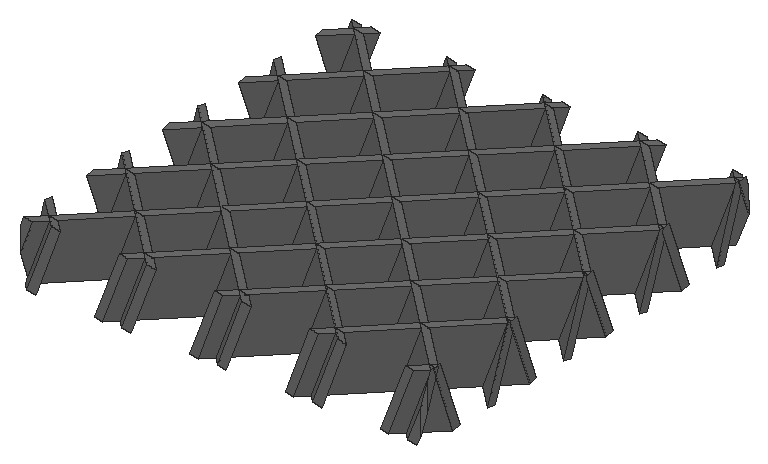
Revit family "Waffle Slanted Clouds 001", category Generic Models, Revit 2021
Family settings
  Can host rebar = No
  Round Connector Dimension = Use Diameter
  Part Type = Normal
  Always vertical = Yes
  Cut with Voids When Loaded = No
  Shared = No
  Room Calculation Point = No
Parameters
  Upper Cover Material = PSH512
  URL = "https://www.csiposhfelt.com/products/waffle-slanted-clouds-001"
  Model = "Waffle Slanted Clouds  001"
  Manufacturer = "CSIPoshFelt"
  Lower Cover Material = PSH512
  Hanger Material = PSH180
  Default Elevation = 0' - 0"
  Core Material = PSH266
Reference planes (in)
  plane 1: z = 0
Forms (in)
  Sweep 1, solid, material "PSH266" <- "Core Material"
    path in 3D
      loop
        line (-21.37981, -67.12019, 0) -> (26.62019, -19.12019, 0)
    profile origin (2.62019, -43.12019, 0) x (-0.707107, 0.707107, 0) y (0, 0, 1)
      loop
        line (-1.03528, 3.66959) -> (1.03528, -4.05782) -> (1.75972, -3.8637) -> (-0.31083, 3.8637) -> (-1.03528, 3.66959)
  Sweep 2, solid, material "PSH266" <- "Core Material"
    path in 3D
      loop
        line (-27.03666, -61.46334, 0) -> (20.96334, -13.46334, 0)
    profile origin (-3.03666, -37.46334, 0) x (-0.707107, 0.707107, 0) y (0, 0, 1)
      loop
        line (-1.03528, 3.66959) -> (1.03528, -4.05782) -> (1.75972, -3.8637) -> (-0.31083, 3.8637) -> (-1.03528, 3.66959)
  Sweep 3, solid, material "PSH266" <- "Core Material"
    path in 3D
      loop
        line (-32.69352, -55.80648, 0) -> (15.30648, -7.80648, 0)
    profile origin (-8.69352, -31.80648, 0) x (-0.707107, 0.707107, 0) y (0, 0, 1)
      loop
        line (-1.03528, 3.66959) -> (1.03528, -4.05782) -> (1.75972, -3.8637) -> (-0.31083, 3.8637) -> (-1.03528, 3.66959)
  Sweep 4, solid, material "PSH266" <- "Core Material"
    path in 3D
      loop
        line (-38.35037, -50.14963, 0) -> (9.64963, -2.14963, 0)
    profile origin (-14.35037, -26.14963, 0) x (-0.707107, 0.707107, 0) y (0, 0, 1)
      loop
        line (-1.03528, 3.66959) -> (1.03528, -4.05782) -> (1.75972, -3.8637) -> (-0.31083, 3.8637) -> (-1.03528, 3.66959)
  Sweep 5, solid, material "PSH266" <- "Core Material"
    path in 3D
      loop
        line (-44.00723, -44.49277, 0) -> (3.99277, 3.50723, 0)
    profile origin (-20.00723, -20.49277, 0) x (-0.707107, 0.707107, 0) y (0, 0, 1)
      loop
        line (-1.03528, 3.66959) -> (1.03528, -4.05782) -> (1.75972, -3.8637) -> (-0.31083, 3.8637) -> (-1.03528, 3.66959)
  Sweep 6, solid, material "PSH266" <- "Core Material"
    path in 3D
      loop
        line (-15.72295, -72.77705, 0) -> (32.27705, -24.77705, 0)
    profile origin (8.27705, -48.77705, 0) x (-0.707107, 0.707107, 0) y (0, 0, 1)
      loop
        line (-1.03528, 3.66959) -> (1.03528, -4.05782) -> (1.75972, -3.8637) -> (-0.31083, 3.8637) -> (-1.03528, 3.66959)
  Sweep 7, solid, material "PSH266" <- "Core Material"
    path in 3D
      loop
        line (-10.0661, -78.4339, 0) -> (37.9339, -30.4339, 0)
    profile origin (13.9339, -54.4339, 0) x (-0.707107, 0.707107, 0) y (0, 0, 1)
      loop
        line (-1.03528, 3.66959) -> (1.03528, -4.05782) -> (1.75972, -3.8637) -> (-0.31083, 3.8637) -> (-1.03528, 3.66959)
  Sweep 8, solid, material "PSH266" <- "Core Material"
    path in 3D
      loop
        line (-4.40925, -84.09075, 0) -> (43.59075, -36.09075, 0)
    profile origin (19.59075, -60.09075, 0) x (-0.707107, 0.707107, 0) y (0, 0, 1)
      loop
        line (-1.03528, 3.66959) -> (1.03528, -4.05782) -> (1.75972, -3.8637) -> (-0.31083, 3.8637) -> (-1.03528, 3.66959)
  Sweep 9, solid, material "PSH266" <- "Core Material"
    path in 3D
      loop
        line (1.24761, -89.74761, 0) -> (49.24761, -41.74761, 0)
    profile origin (25.24761, -65.74761, 0) x (-0.707107, 0.707107, 0) y (0, 0, 1)
      loop
        line (-1.03528, 3.66959) -> (1.03528, -4.05782) -> (1.75972, -3.8637) -> (-0.31083, 3.8637) -> (-1.03528, 3.66959)
  Sweep 10, solid, material "PSH266" <- "Core Material"
    path in 3D
      loop
        line (26.62019, -66.60793, 0) -> (-21.37981, -18.60793, 0)
    profile origin (2.62019, -42.60793, 0) x (-0.707107, -0.707107, 0) y (0, 0, 1)
      loop
        line (-1.03528, 3.66959) -> (1.03528, -4.05782) -> (1.75972, -3.8637) -> (-0.31083, 3.8637) -> (-1.03528, 3.66959)
  Sweep 11, solid, material "PSH266" <- "Core Material"
    path in 3D
      loop
        line (20.96334, -72.26479, 0) -> (-27.03666, -24.26479, 0)
    profile origin (-3.03666, -48.26479, 0) x (-0.707107, -0.707107, 0) y (0, 0, 1)
      loop
        line (-1.03528, 3.66959) -> (1.03528, -4.05782) -> (1.75972, -3.8637) -> (-0.31083, 3.8637) -> (-1.03528, 3.66959)
  Sweep 12, solid, material "PSH266" <- "Core Material"
    path in 3D
      loop
        line (15.30648, -77.92164, 0) -> (-32.69352, -29.92164, 0)
    profile origin (-8.69352, -53.92164, 0) x (-0.707107, -0.707107, 0) y (0, 0, 1)
      loop
        line (-1.03528, 3.66959) -> (1.03528, -4.05782) -> (1.75972, -3.8637) -> (-0.31083, 3.8637) -> (-1.03528, 3.66959)
  Sweep 13, solid, material "PSH266" <- "Core Material"
    path in 3D
      loop
        line (9.64963, -83.57849, 0) -> (-38.35037, -35.57849, 0)
    profile origin (-14.35037, -59.57849, 0) x (-0.707107, -0.707107, 0) y (0, 0, 1)
      loop
        line (-1.03528, 3.66959) -> (1.03528, -4.05782) -> (1.75972, -3.8637) -> (-0.31083, 3.8637) -> (-1.03528, 3.66959)
  Sweep 14, solid, material "PSH266" <- "Core Material"
    path in 3D
      loop
        line (3.99277, -89.23535, 0) -> (-44.00723, -41.23535, 0)
    profile origin (-20.00723, -65.23535, 0) x (-0.707107, -0.707107, 0) y (0, 0, 1)
      loop
        line (-1.03528, 3.66959) -> (1.03528, -4.05782) -> (1.75972, -3.8637) -> (-0.31083, 3.8637) -> (-1.03528, 3.66959)
  Sweep 15, solid, material "PSH266" <- "Core Material"
    path in 3D
      loop
        line (32.27705, -60.95108, 0) -> (-15.72295, -12.95108, 0)
    profile origin (8.27705, -36.95108, 0) x (-0.707107, -0.707107, 0) y (0, 0, 1)
      loop
        line (-1.03528, 3.66959) -> (1.03528, -4.05782) -> (1.75972, -3.8637) -> (-0.31083, 3.8637) -> (-1.03528, 3.66959)
  Sweep 16, solid, material "PSH266" <- "Core Material"
    path in 3D
      loop
        line (37.9339, -55.29422, 0) -> (-10.0661, -7.29422, 0)
    profile origin (13.9339, -31.29422, 0) x (-0.707107, -0.707107, 0) y (0, 0, 1)
      loop
        line (-1.03528, 3.66959) -> (1.03528, -4.05782) -> (1.75972, -3.8637) -> (-0.31083, 3.8637) -> (-1.03528, 3.66959)
  Sweep 17, solid, material "PSH266" <- "Core Material"
    path in 3D
      loop
        line (43.59075, -49.63737, 0) -> (-4.40925, -1.63737, 0)
    profile origin (19.59075, -25.63737, 0) x (-0.707107, -0.707107, 0) y (0, 0, 1)
      loop
        line (-1.03528, 3.66959) -> (1.03528, -4.05782) -> (1.75972, -3.8637) -> (-0.31083, 3.8637) -> (-1.03528, 3.66959)
  Sweep 18, solid, material "PSH266" <- "Core Material"
    path in 3D
      loop
        line (49.24761, -43.98051, 0) -> (1.24761, 4.01949, 0)
    profile origin (25.24761, -19.98051, 0) x (-0.707107, -0.707107, 0) y (0, 0, 1)
      loop
        line (-1.03528, 3.66959) -> (1.03528, -4.05782) -> (1.75972, -3.8637) -> (-0.31083, 3.8637) -> (-1.03528, 3.66959)
  Extrusion 19, void
    sketch origin (0, 0, 0) x (1, 0, 0) y (0, 1, 0)
      loop
        line (-21.37981, -19.12019) -> (-21.37981, -67.12019) -> (26.62019, -67.12019) -> (26.62019, -19.12019) -> (-21.37981, -19.12019)
      loop
        line (-45.37981, 4.87981) -> (-45.37981, -91.12019) -> (50.62019, -91.12019) -> (50.62019, 4.87981) -> (-45.37981, 4.87981)
    from -6.56092 to 4
Cuts and joins
  Extrusion 19 cuts Sweep 1
  Extrusion 19 cuts Sweep 2
  Extrusion 19 cuts Sweep 3
  Extrusion 19 cuts Sweep 4
  Extrusion 19 cuts Sweep 5
  Extrusion 19 cuts Sweep 6
  Extrusion 19 cuts Sweep 7
  Extrusion 19 cuts Sweep 8
  Extrusion 19 cuts Sweep 9
  Extrusion 19 cuts Sweep 10
  Extrusion 19 cuts Sweep 11
  Extrusion 19 cuts Sweep 12
  Extrusion 19 cuts Sweep 13
  Extrusion 19 cuts Sweep 14
  Extrusion 19 cuts Sweep 15
  Extrusion 19 cuts Sweep 16
  Extrusion 19 cuts Sweep 17
  Extrusion 19 cuts Sweep 18
Lines and regions (in)
  reference lines
    curve 1: line (-27.37981, -43.12019, 0) -> (32.62019, -43.12019, 0)
    curve 2: line (2.62019, -13.12019, 0) -> (2.62019, -73.12019, 0)
    curve 3: line (-27.37981, -19.12019, 0) -> (32.62019, -19.12019, 0)
    curve 4: line (-27.37981, -67.12019, 0) -> (32.62019, -67.12019, 0)
    curve 5: line (26.62019, -13.12019, 0) -> (26.62019, -73.12019, 0)
    curve 6: line (-21.37981, -13.12019, 0) -> (-21.37981, -73.12019, 0)
  model lines
    curve 7: line (-21.37981, -67.12019, 0) -> (26.62019, -19.12019, 0)
    curve 8: line (-21.37981, -19.12019, 0) -> (26.62019, -67.12019, 0)
  sketch lines
    curve 9: line (-21.37981, -67.12019, 0) -> (26.62019, -19.12019, 0)
    curve 10: line (-27.03666, -61.46334, 0) -> (20.96334, -13.46334, 0)
    curve 11: line (-32.69352, -55.80648, 0) -> (15.30648, -7.80648, 0)
    curve 12: line (-38.35037, -50.14963, 0) -> (9.64963, -2.14963, 0)
    curve 13: line (-44.00723, -44.49277, 0) -> (3.99277, 3.50723, 0)
    curve 14: line (-15.72295, -72.77705, 0) -> (32.27705, -24.77705, 0)
    curve 15: line (-10.0661, -78.4339, 0) -> (37.9339, -30.4339, 0)
    curve 16: line (-4.40925, -84.09075, 0) -> (43.59075, -36.09075, 0)
    curve 17: line (1.24761, -89.74761, 0) -> (49.24761, -41.74761, 0)
    curve 18: line (26.62019, -66.60793, 0) -> (-21.37981, -18.60793, 0)
    curve 19: line (20.96334, -72.26479, 0) -> (-27.03666, -24.26479, 0)
    curve 20: line (15.30648, -77.92164, 0) -> (-32.69352, -29.92164, 0)
    curve 21: line (9.64963, -83.57849, 0) -> (-38.35037, -35.57849, 0)
    curve 22: line (3.99277, -89.23535, 0) -> (-44.00723, -41.23535, 0)
    curve 23: line (32.27705, -60.95108, 0) -> (-15.72295, -12.95108, 0)
    curve 24: line (37.9339, -55.29422, 0) -> (-10.0661, -7.29422, 0)
    curve 25: line (43.59075, -49.63737, 0) -> (-4.40925, -1.63737, 0)
    curve 26: line (49.24761, -43.98051, 0) -> (1.24761, 4.01949, 0)
Dimensions and locks (in)
  level to level = 9' - 0"
  aligned and locked: level to plane 1
Nested families (in)
  nested 1: "FCT005" at (0, 0, 0), type "FCT005", not visible
    with Hanger Length 6' - 0"
  nested 2: "FCT005" at (0, 0, 0) x (-1, 0, 0) z (0, 0, 1), type "FCT005", not visible
    with Hanger Length 0' - 10.21241"
  nested 3: "FCT005" at (0, 0, 0), type "FCT005", not visible
    with Hanger Length 0' - 10.21241"
  nested 4: "FCT005" at (0, 0, 0) x (-1, 0, 0) z (0, 0, 1), type "FCT005", not visible
    with Hanger Length 0' - 10.21241"
Definition of nested family "FCT005"
  Parameters (values of type "FCT005")
    Upper Cover Material = none
    Lower Cover Material = none
    Hanger Material = none
    Hanger Length [instance] = 0' - 10.21241"
    Default Elevation = 0' - 0"
    Core Material = none
  Reference planes (in)
    plane 1 "Center (Front/Back)": y = 0
    plane 2: z = 0
    plane 3 "Center (Left/Right)": x = 0
    plane 4: z = 95.89336
  Forms (in)
    Extrusion 1, solid, material <- "Upper Cover Material"
      sketch origin (0, 0, 0) x (1, 0, 0) y (0, 1, 0)
        loop
          line (-7.04114, 5.65671) -> (-5.68961, 7.00836) -> (-7.10388, 8.42251) -> (-8.45541, 7.07086) -> (-7.04114, 5.65671)
      from 97.28386 to 98.29132
    Extrusion 2, solid, material <- "Hanger Material"
      sketch origin (0, 0, 0) x (1, 0, 0) y (0, 1, 0)
        loop
          circle (-6.9971, 6.9971) r 0.0625
      from 98.29132 to 99.68182
    Extrusion 3, solid, material <- "Hanger Material"
      sketch origin (0, 0, 0) x (1, 0, 0) y (0, 1, 0)
        loop
          circle (-6.99817, 6.99817) r 0.03125
      from 99.68182 to 108
  Lines and regions (in)
    reference lines
      curve 1: line (-17.61814, 17.61814, 0) -> (19.85852, -19.85852, 0)
      curve 2: line (20.44657, 20.44657, 0) -> (-19.85852, -19.85852, 0)
  Dimensions and locks (in)
    locked: Extrusion 2 to Extrusion 1 at 1.3905
    level to level = 9' - 0"
    plane 4 to Extrusion 3 = 1' - 0.10664"
    locked: Extrusion 1 to Extrusion 3 at 1.3905
    locked: Extrusion 1 to Extrusion 1 at 1.00746
    plane 4 to Extrusion 1 = 0' - 2.39796"
    plane 4 to nested 1 = 0' - 2.10664"
    aligned and locked: level to plane 2
    aligned and locked: Extrusion 3 to Extrusion 2
    aligned and locked: level to Extrusion 3
    aligned and locked: Extrusion 2 to Extrusion 1
  Nested families (in)
    nested 1: "FCT005 S" at (0.07195, -0.07195, 0), type "FCT005 S"
      with Hanger Length 0' - 0", Default Elevation 0' - 10.21241"
  Definition of nested family "FCT005 S"
    Parameters (values of type "FCT005 S")
      Upper Cover Material = none
      Lower Cover Material = none
      Hanger Material = none
      Hanger Length [instance] = 1' - 0"
      Default Elevation = 0' - 0"
      Core Material = none
    Reference planes (in)
      plane 1 "Center (Front/Back)": y = 0
      plane 2: z = 0
      plane 3 "Center (Left/Right)": x = 0
    Forms (in)
      Extrusion 1, solid, material <- "Upper Cover Material"
        sketch origin (11.96128, 11.96128, 131.25) x (-0.707107, -0.707107, 0) y (0, 0, 1)
          loop
            line (26.91581, -29.25) -> (16.91581, -23.25) -> (6.91581, -29.25) -> (6.91581, -29.36811) -> (16.91581, -23.36811) -> (26.91581, -29.36811) -> (26.91581, -29.25)
        from -0.16625 to 18.31279
      Extrusion 2, void
        sketch origin (0, 0, 131.25) x (1, 0, 0) y (0, 1, 0)
          loop
            line (-1.41421, 1.41421) -> (0, 5.56829) -> (0, 14.14214) -> (-8.57385, 14.14214) -> (-12.72792, 12.72792) -> (-14.14214, 8.57385) -> (-14.14214, 0) -> (-5.56829, 0) -> (-1.41421, 1.41421)
          loop
            line (9.98953, 6.86198) -> (-5.36283, 22.21433) -> (-22.15662, 5.42055) -> (-6.80426, -9.93181) -> (9.98953, 6.86198)
        from -131.25 to -1.45612
      Extrusion 3, solid, material <- "Core Material"
        sketch origin (11.96128, 11.96128, 131.13164) x (-0.707107, -0.707107, 0) y (0, 0, 1)
          loop
            line (26.91581, -29.24975) -> (16.91581, -23.24975) -> (6.91581, -29.24975) -> (6.91581, -29.7222) -> (16.91581, -23.7222) -> (26.91581, -29.7222) -> (26.91581, -29.24975)
        from -0.16625 to 18.31279
      Extrusion 4, solid, material <- "Lower Cover Material"
        sketch origin (11.96128, 11.96128, 130.65945) x (-0.707107, -0.707107, 0) y (0, 0, 1)
          loop
            line (26.91581, -29.25) -> (16.91581, -23.25) -> (6.91581, -29.25) -> (6.91581, -29.36811) -> (16.91581, -23.36811) -> (26.91581, -29.36811) -> (26.91581, -29.25)
        from -0.16625 to 18.31279
      Extrusion 5, void, not visible
        sketch origin (0, 0, 119.25) x (1, 0, 0) y (0, 1, 0)
          loop
            line (-1.41421, 1.41421) -> (0, 5.56829) -> (0, 14.14214) -> (-8.57385, 14.14214) -> (-12.72792, 12.72792) -> (-14.14214, 8.57385) -> (-14.14214, 0) -> (-5.56829, 0) -> (-1.41421, 1.41421)
          loop
            line (9.98953, 6.86198) -> (-5.36283, 22.21433) -> (-22.15662, 5.42055) -> (-6.80426, -9.93181) -> (9.98953, 6.86198)
        from -36.47991 to -18.21271
      Extrusion 6, solid, material <- "Core Material", not visible
        sketch origin (11.96128, 11.96128, 119.13164) x (-0.707107, -0.707107, 0) y (0, 0, 1)
          loop
            line (26.91581, -29.24975) -> (16.91581, -23.24975) -> (6.91581, -29.24975) -> (6.91581, -29.7222) -> (16.91581, -23.7222) -> (26.91581, -29.7222) -> (26.91581, -29.24975)
        from -0.16625 to 18.31279
      Extrusion 7, solid, material <- "Lower Cover Material", not visible
        sketch origin (11.96128, 11.96128, 118.65945) x (-0.707107, -0.707107, 0) y (0, 0, 1)
          loop
            line (26.91581, -29.25) -> (16.91581, -23.25) -> (6.91581, -29.25) -> (6.91581, -29.36811) -> (16.91581, -23.36811) -> (26.91581, -29.36811) -> (26.91581, -29.25)
        from -0.16625 to 18.31279
      Extrusion 8, solid, material <- "Upper Cover Material", not visible
        sketch origin (11.96128, 11.96128, 117.8595) x (-0.707107, -0.707107, 0) y (0, 0, 1)
          loop
            line (26.91581, -29.25) -> (16.91581, -23.25) -> (6.91581, -29.25) -> (6.91581, -29.36811) -> (16.91581, -23.36811) -> (26.91581, -29.36811) -> (26.91581, -29.25)
        from -0.16625 to 18.31279
      Extrusion 9, void, not visible
        sketch origin (0, 0, 117.8595) x (1, 0, 0) y (0, 1, 0)
          loop
            line (-1.41421, 1.41421) -> (0, 5.56829) -> (0, 14.14214) -> (-8.57385, 14.14214) -> (-12.72792, 12.72792) -> (-14.14214, 8.57385) -> (-14.14214, 0) -> (-5.56829, 0) -> (-1.41421, 1.41421)
          loop
            line (9.98953, 6.86198) -> (-5.36283, 22.21433) -> (-22.15662, 5.42055) -> (-6.80426, -9.93181) -> (9.98953, 6.86198)
        from -36.47991 to -18.21271
      Extrusion 10, solid, material <- "Core Material", not visible
        sketch origin (11.96128, 11.96128, 117.74114) x (-0.707107, -0.707107, 0) y (0, 0, 1)
          loop
            line (26.91581, -29.24975) -> (16.91581, -23.24975) -> (6.91581, -29.24975) -> (6.91581, -29.7222) -> (16.91581, -23.7222) -> (26.91581, -29.7222) -> (26.91581, -29.24975)
        from -0.16625 to 18.31279
      Extrusion 11, solid, material <- "Lower Cover Material", not visible
        sketch origin (11.96128, 11.96128, 117.26895) x (-0.707107, -0.707107, 0) y (0, 0, 1)
          loop
            line (26.91581, -29.25) -> (16.91581, -23.25) -> (6.91581, -29.25) -> (6.91581, -29.36811) -> (16.91581, -23.36811) -> (26.91581, -29.36811) -> (26.91581, -29.25)
        from -0.16625 to 18.31279
    Cuts and joins
      Extrusion 2 cuts Extrusion 1
      Extrusion 2 cuts Extrusion 3
      Extrusion 2 cuts Extrusion 4
    Lines and regions (in)
      reference lines
        curve 1: line (-17.61814, 17.61814, 0) -> (19.85852, -19.85852, 0)
        curve 2: line (20.44657, 20.44657, 0) -> (-19.85852, -19.85852, 0)
        curve 3: line (-26.02284, 0, 108) -> (10.97716, 0, 108)
        curve 4: line (-26.02284, 0, 107.88189) -> (10.97716, 0, 107.88189)
        curve 5: line (-26.02284, 0, 107.40945) -> (10.97716, 0, 107.40945)
        curve 6: line (-26.02284, 0, 107.29134) -> (10.97716, 0, 107.29134)
        curve 15: line (-26.02284, 0, 101.29134) -> (10.97716, 0, 101.29134)
      reference lines, not visible
        curve 7: line (-26.02284, 0, 96) -> (10.97716, 0, 96)
        curve 8: line (-26.02284, 0, 95.88189) -> (10.97716, 0, 95.88189)
        curve 9: line (-26.02284, 0, 95.40945) -> (10.97716, 0, 95.40945)
        curve 10: line (-26.02284, 0, 95.29134) -> (10.97716, 0, 95.29134)
        curve 11: line (-26.02284, 0, 94.6095) -> (10.97716, 0, 94.6095)
        curve 12: line (-26.02284, 0, 94.49139) -> (10.97716, 0, 94.49139)
        curve 13: line (-26.02284, 0, 94.01895) -> (10.97716, 0, 94.01895)
        curve 14: line (-26.02284, 0, 93.90084) -> (10.97716, 0, 93.90084)
    Dimensions and locks (in)
      level to level = 9' - 0"
      locked: cut or joined group of Extrusion 2, Extrusion 4 to cut or joined group of Extrusion 2, Extrusion 4 at 0.11811  (x2)
      locked: cut or joined group of Extrusion 2, Extrusion 4 to cut or joined group of Extrusion 2, Extrusion 3 at 0.47244
      locked: curve 3 to curve 4 at 0.11811
      locked: curve 4 to curve 5 at 0.47244
      locked: curve 5 to curve 6 at 0.11811
      locked: curve 7 to curve 8 at 0.11811
      locked: curve 8 to curve 9 at 0.47244
      locked: curve 9 to curve 10 at 0.11811
      locked: curve 11 to curve 12 at 0.11811
      locked: curve 12 to curve 13 at 0.47244
      locked: curve 13 to curve 14 at 0.11811
      aligned and locked: level to plane 2
      aligned and locked: Extrusion 2 to curve 1
